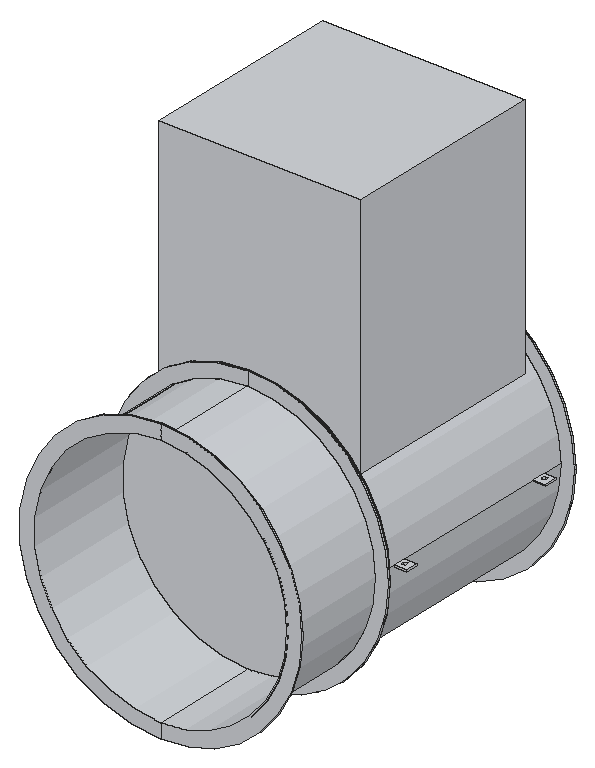
Revit family "AFBV-S_Horizontal_Ceiling_Mount", category Mechanical Equipment, Revit 2019
Family settings
  Round Connector Dimension = Use Radius
  Part Type = Normal
  Work Plane-Based = No
  Always vertical = Yes
  Cut with Voids When Loaded = No
  Shared = No
  Room Calculation Point = No
Parameters (values of type "36_AFBV-S_HOR_CEILING")
  VANE = 1' - 4"
  Unit Weight [instance] = ""
  ModelID [instance] = ""
  M/2 = M / 2  # 0' - 0 11/32"
  M = 0' - 0 11/16"
  L = 0' - 4 1/4"
  K/2 = K / 2  # 1' - 0 3/4"
  K = 2' - 1 1/2"
  J/2 = J / 2  # 1' - 7 9/16"
  J = 3' - 3 1/8"
  CENTER = 0' - 0"  # constant formula
  H-(A/2) = H - (A / 2)  # 2' - 4 3/4"
  H+J = H + CENTER  # 3' - 11 1/4"
  H = 3' - 11 1/4"
  Sones [instance] = ""
  Motor RPM [instance] = ""
  Motor Enclosure [instance] = ""
  LwA [instance] = ""
  G = 6' - 0"
  Fan RPM [instance] = ""
  F/2 = F / 2  # 0' - 0 7/32"
  F = 0' - 0 7/16"
  E/2 = E / 2  # 1' - 5"
  E-2" = E - 0' 2"  # 2' - 8"
  E = 2' - 10"
  C/2+J = C / 2 + CENTER  # 1' - 7 1/2"
  C/2 = C / 2  # 1' - 7 1/2"
  C = 3' - 3"
  B/2 = B / 2  # 1' - 8 11/16"
  B = 3' - 5 3/8"
  Accessories [instance] = ""
  A/3 = A / 2.5  # 1' - 2.8"
  A/2 = A / 2  # 1' - 6 1/2"
  A = 3' - 1"
  60 = 60.00°  # constant formula
  30 = 30.00°  # constant formula
  3" = 0' - 3"  # constant formula
  Brake Hp [instance] = ""
  4" = 0' - 4"  # constant formula
  2' = 2' - 0"
  2" = 0' - 2"  # constant formula
  1" = 0' - 1"  # constant formula
  0 = 0' - 0"  # constant formula
  Voltage [instance] = 0 V
  URL = "www.lorencook.com"
  Type Comments = "Tube Axial Fan Horizontal Ceiling Mount Stainless Steel Construction Belt Drive Arrangement 9"  # constant formula
  Static Pressure [instance] = 0.00 in-wg
  Power [instance] = Voltage * Motor FLA * sqrt(if(Phase = 3, 3, 1))  # 0 VA
  Phase [instance] = 0
  Number of Poles [instance] = 1
  Motor Hp [instance] = "0"
  Motor FLA [instance] = 0 A
  Model = "AFBV-S"  # constant formula
  Manufacturer = "Loren Cook Company"
  CFM [instance] = 0 CFM
  1.5 = 0' - 1 1/2"  # constant formula
  ONE EIGTH = 0' - 0 1/8"  # constant formula
  -E/2 = -E / 2  # -1' - 5"
  -(E-.25")/2 = -(E - 0' 0 1/4") / 2  # -1' - 4 7/8"
  (K/2)-((J-A-.25")/2) = (K / 2) - ((J - A - 0' 0 1/4") / 2)  # 0' - 11 13/16"
  (J-A-.25") = (J - A - 0' 0 1/4")  # 0' - 1 7/8"
  (H-(A/2))/2 = (H - (A / 2)) / 2  # 1' - 2 3/8"
  (E-.25")/2 = (E - 0' 0 1/4") / 2  # 1' - 4 7/8"
  (A+.25")/2 = (A + 0' 0 1/4") / 2  # 1' - 6 5/8"
Types (10): name | VANE | M/2 | M | L | K/2 | K | J/2 | J | H-(A/2) | H+J | H | F/2 | F | E/2 | E-2" | E | C/2+J | C/2 | C | B/2 | B | A/3 | A/2 | A | -E/2 | -(E-.25")/2 | (K/2)-((J-A-.25")/2) | (J-A-.25") | (H-(A/2))/2 | (E-.25")/2 | (A+.25")/2
  (no name) | 1' - 4" | 0' - 0 11/32" | 0' - 0 11/16" | 0' - 4 1/4" | 1' - 0 3/4" | 2' - 1 1/2" | 1' - 7 9/16" | 3' - 3 1/8" | 2' - 4 3/4" | 3' - 11 1/4" | 3' - 11 1/4" | 0' - 0 7/32" | 0' - 0 7/16" | 1' - 5" | 2' - 8" | 2' - 10" | 1' - 7 1/2" | 1' - 7 1/2" | 3' - 3" | 1' - 8 11/16" | 3' - 5 3/8" | 1' - 2.8" | 1' - 6 1/2" | 3' - 1" | -1' - 5" | -1' - 4 7/8" | 0' - 11 13/16" | 0' - 1 7/8" | 1' - 2 3/8" | 1' - 4 7/8" | 1' - 6 5/8"
  12_AFBV-S_HOR_CEILING | 0' - 6" | 0' - 0 7/32" | 0' - 0 7/16" | 0' - 3 1/2" | 0' - 7 1/2" | 1' - 3" | 0' - 7 1/2" | 1' - 3" | 1' - 6 3/16" | 2' - 0 5/8" | 2' - 0 5/8" | 0' - 0 5/32" | 0' - 0 5/16" | 0' - 11" | 1' - 8" | 1' - 10" | 0' - 7 5/16" | 0' - 7 5/16" | 1' - 2 5/8" | 0' - 7 13/16" | 1' - 3 5/8" | 0' - 5.15" | 0' - 6 7/16" | 1' - 0 7/8" | -0' - 11" | -0' - 10 7/8" | 0' - 6 9/16" | 0' - 1 7/8" | 0' - 9 3/32" | 0' - 10 7/8" | 0' - 6 9/16"
  16_AFBV-S_HOR_CEILING | 0' - 10" | 0' - 0 7/32" | 0' - 0 7/16" | 0' - 3 1/2" | 0' - 9" | 1' - 6" | 0' - 9 1/2" | 1' - 7" | 1' - 9 11/16" | 2' - 6 1/8" | 2' - 6 1/8" | 0' - 0 5/32" | 0' - 0 5/16" | 1' - 0 1/2" | 1' - 11" | 2' - 1" | 0' - 9 5/16" | 0' - 9 5/16" | 1' - 6 5/8" | 0' - 9 13/16" | 1' - 7 5/8" | 0' - 6 3/4" | 0' - 8 7/16" | 1' - 4 7/8" | -1' - 0 1/2" | -1' - 0 3/8" | 0' - 8 1/16" | 0' - 1 7/8" | 0' - 10 27/32" | 1' - 0 3/8" | 0' - 8 9/16"
  18_AFBV-S_HOR_CEILING | 0' - 11" | 0' - 0 7/32" | 0' - 0 7/16" | 0' - 3 1/2" | 0' - 9" | 1' - 6" | 0' - 10 1/2" | 1' - 9" | 1' - 9 11/16" | 2' - 7 1/8" | 2' - 7 1/8" | 0' - 0 5/32" | 0' - 0 5/16" | 1' - 0 1/2" | 1' - 11" | 2' - 1" | 0' - 10 5/16" | 0' - 10 5/16" | 1' - 8 5/8" | 0' - 10 13/16" | 1' - 9 5/8" | 0' - 7.55" | 0' - 9 7/16" | 1' - 6 7/8" | -1' - 0 1/2" | -1' - 0 3/8" | 0' - 8 1/16" | 0' - 1 7/8" | 0' - 10 27/32" | 1' - 0 3/8" | 0' - 9 9/16"
  24_AFBV-S_HOR_CEILING | 1' - 1" | 0' - 0 7/32" | 0' - 0 7/16" | 0' - 3 1/2" | 0' - 11 1/2" | 1' - 11" | 1' - 1 1/2" | 2' - 3" | 2' - 3 7/16" | 3' - 3 7/8" | 3' - 3 7/8" | 0' - 0 7/32" | 0' - 0 7/16" | 1' - 3 1/2" | 2' - 5" | 2' - 7" | 1' - 1 7/16" | 1' - 1 7/16" | 2' - 2 7/8" | 1' - 2 9/16" | 2' - 5 1/8" | 0' - 9.95" | 1' - 0 7/16" | 2' - 0 7/8" | -1' - 3 1/2" | -1' - 3 3/8" | 0' - 10 9/16" | 0' - 1 7/8" | 1' - 1 23/32" | 1' - 3 3/8" | 1' - 0 9/16"
  28_AFBV-S_HOR_CEILING | 1' - 1" | 0' - 0 7/32" | 0' - 0 7/16" | 0' - 4" | 0' - 11 1/2" | 1' - 11" | 1' - 3 1/2" | 2' - 7" | 2' - 3 7/16" | 3' - 5 7/8" | 3' - 5 7/8" | 0' - 0 7/32" | 0' - 0 7/16" | 1' - 3 1/2" | 2' - 5" | 2' - 7" | 1' - 3 7/16" | 1' - 3 7/16" | 2' - 6 7/8" | 1' - 4 9/16" | 2' - 9 1/8" | 0' - 11.55" | 1' - 2 7/16" | 2' - 4 7/8" | -1' - 3 1/2" | -1' - 3 3/8" | 0' - 10 9/16" | 0' - 1 7/8" | 1' - 1 23/32" | 1' - 3 3/8" | 1' - 2 9/16"
  32_AFBV-S_HOR_CEILING | 1' - 3" | 0' - 0 11/32" | 0' - 0 11/16" | 0' - 4 1/4" | 1' - 0 3/4" | 2' - 1 1/2" | 1' - 5 3/4" | 2' - 11 1/2" | 2' - 4 3/4" | 3' - 9 1/4" | 3' - 9 1/4" | 0' - 0 7/32" | 0' - 0 7/16" | 1' - 5" | 2' - 8" | 2' - 10" | 1' - 5 1/2" | 1' - 5 1/2" | 2' - 11" | 1' - 6 5/8" | 3' - 1 1/4" | 1' - 1.2" | 1' - 4 1/2" | 2' - 9" | -1' - 5" | -1' - 4 7/8" | 0' - 11 5/8" | 0' - 2 1/4" | 1' - 2 3/8" | 1' - 4 7/8" | 1' - 4 5/8"
  36_AFBV-S_HOR_CEILING | 1' - 4" | 0' - 0 11/32" | 0' - 0 11/16" | 0' - 4 1/4" | 1' - 0 3/4" | 2' - 1 1/2" | 1' - 7 9/16" | 3' - 3 1/8" | 2' - 4 3/4" | 3' - 11 1/4" | 3' - 11 1/4" | 0' - 0 7/32" | 0' - 0 7/16" | 1' - 5" | 2' - 8" | 2' - 10" | 1' - 7 1/2" | 1' - 7 1/2" | 3' - 3" | 1' - 8 11/16" | 3' - 5 3/8" | 1' - 2.8" | 1' - 6 1/2" | 3' - 1" | -1' - 5" | -1' - 4 7/8" | 0' - 11 13/16" | 0' - 1 7/8" | 1' - 2 3/8" | 1' - 4 7/8" | 1' - 6 5/8"
  14_AFBV-S_HOR_CEILING | 0' - 8" | 0' - 0 7/32" | 0' - 0 7/16" | 0' - 3 1/2" | 0' - 7 1/2" | 1' - 3" | 0' - 8 1/2" | 1' - 5" | 1' - 6 3/16" | 2' - 1 5/8" | 2' - 1 5/8" | 0' - 0 5/32" | 0' - 0 5/16" | 0' - 11" | 1' - 8" | 1' - 10" | 0' - 8 5/16" | 0' - 8 5/16" | 1' - 4 5/8" | 0' - 8 13/16" | 1' - 5 5/8" | 0' - 5.95" | 0' - 7 7/16" | 1' - 2 7/8" | -0' - 11" | -0' - 10 7/8" | 0' - 6 9/16" | 0' - 1 7/8" | 0' - 9 3/32" | 0' - 10 7/8" | 0' - 7 9/16"
  20_AFBV-S_HOR_CEILING | 1' - 0" | 0' - 0 7/32" | 0' - 0 7/16" | 0' - 3 1/2" | 1' - 0" | 2' - 0" | 0' - 11 1/2" | 1' - 11" | 1' - 9 11/16" | 2' - 8 1/8" | 2' - 8 1/8" | 0' - 0 7/32" | 0' - 0 7/16" | 1' - 3 1/2" | 2' - 5" | 2' - 7" | 0' - 11 3/16" | 0' - 11 3/16" | 1' - 10 3/8" | 0' - 11 13/16" | 1' - 11 5/8" | 0' - 8.35" | 0' - 10 7/16" | 1' - 8 7/8" | -1' - 3 1/2" | -1' - 3 3/8" | 0' - 11 1/16" | 0' - 1 7/8" | 0' - 10 27/32" | 1' - 3 3/8" | 0' - 10 9/16"
Reference planes (in)
  plane 1 "Center (Front/Back)": y = 0
  plane 2: z = 0
  plane 3 "Center (Left/Right)": x = 0.40541
Forms (in)
  Extrusion 1, solid
    sketch origin (0, 0, 0) x (1, 0, 0) y (0, 0, 1)
      loop
        circle (0.40541, 0) r 20.6875
    from 17 <- "E/2" to -17 <- "-E/2"
  Extrusion 2, void
    sketch origin (0, 0, 0) x (1, 0, 0) y (0, 0, 1)
      loop
        circle (0.40541, 0) r 20.6875
      loop
        circle (0.40541, 0) r 18.625
    from 16.875 <- "(E-.25")/2" to -16.875 <- "-(E-.25")/2"
  Extrusion 3, solid
    sketch origin (0, -16.875, 0) x (-1, 0, 0) y (0, 0, 1)
      loop
        line (14.39459, 11.30711) -> (14.39459, 47.25) -> (-15.20541, 47.25) -> (-15.20541, 11.30711)
        arc (-15.20541, 11.30711) -> (-0.40541, 18.625) -> (14.39459, 11.30711) r 18.625
    from 2 to 32 <- "E-2""
  Extrusion 4, solid
    sketch origin (0, 0, 0) x (1, 0, 0) y (0, 1, 0)
      loop
        line (19.03041, 13.6875) -> (19.03041, 11.8125) -> (20.90541, 11.8125) -> (20.90541, 13.6875) -> (19.03041, 13.6875)
      loop
        line (19.03041, -13.6875) -> (20.90541, -13.6875) -> (20.90541, -11.8125) -> (19.03041, -11.8125) -> (19.03041, -13.6875)
      loop
        line (-18.21959, -13.6875) -> (-18.21959, -11.8125) -> (-20.09459, -11.8125) -> (-20.09459, -13.6875) -> (-18.21959, -13.6875)
      loop
        line (-18.21959, 13.6875) -> (-20.09459, 13.6875) -> (-20.09459, 11.8125) -> (-18.21959, 11.8125) -> (-18.21959, 13.6875)
    from 0 to 0.25
  Extrusion 5, void
    sketch origin (0, 0, 0) x (1, 0, 0) y (0, 1, 0)
      loop
        circle (19.96791, 12.75) r 0.34375
      loop
        circle (-19.15709, 12.75) r 0.34375
      loop
        circle (-19.15709, -12.75) r 0.34375
      loop
        circle (19.96791, -12.75) r 0.34375
    from 0 to 0.25
  Revolve 6, solid
    sketch origin (0.40541, 0, 0) x (0, 1, 0) y (0, 0, 1)
      loop
        line (-17, 20.6875) -> (-17.125, 20.6875) -> (-17.125, 18.625) -> (-32.875, 18.625) -> (-32.875, 20.6875) -> (-33, 20.6875) -> (-33, 18.5) -> (-17, 18.5) -> (-17, 20.6875)
      axis (-33, 0) -> (-17, 0)
    angle from 0 to 360
Cuts and joins
  Extrusion 2, Extrusion 5 cuts Extrusion 1
  Extrusion 5 cuts Extrusion 4
Dimensions and locks (in)
  "0": Extrusion 1 sketch curve to plane 3 "Center (Left/Right)"
  "CENTER": Extrusion 1 sketch curve to level
  "0": Extrusion 2 sketch curve to plane 3 "Center (Left/Right)"  (x2)
  "CENTER": Extrusion 2 sketch curve to level  (x2)
  "0": Extrusion 3 sketch curve to plane 3 "Center (Left/Right)"
  "CENTER": Extrusion 3 sketch curve to level
  "H+J": Extrusion 3 sketch curve to level
  "A/3": plane 3 "Center (Left/Right)" to Extrusion 3 sketch curve  (x2)
  "(J-A-.25")": Extrusion 4 sketch curve to Extrusion 4 sketch curve  (x8)
  "(A+.25")/2": plane 3 "Center (Left/Right)" to Extrusion 4 sketch curve  (x4)
  "(K/2)-((J-A-.25")/2)": plane 1 "Center (Front/Back)" to Extrusion 4 sketch curve  (x4)
  "J/2": plane 3 "Center (Left/Right)" to Extrusion 5 sketch curve  (x4)
  "K/2": plane 1 "Center (Front/Back)" to Extrusion 5 sketch curve  (x4)
  "0": Revolve 6 sketch curve to level
  "(A+.25")/2": Revolve 6 sketch curve to level
  "B/2": Revolve 6 sketch curve to level  (x2)
  "VANE": Revolve 6 sketch curve to Revolve 6 sketch curve
  "0": cut or joined group of Extrusion 1, Extrusion 2, Extrusion 5 to Revolve 6 sketch curve
  "ONE EIGTH": Revolve 6 sketch curve to Revolve 6 sketch curve  (x3)
  "B/2": radius of Extrusion 1 sketch curve
  "(A+.25")/2": radius of Extrusion 2 sketch curve
  "B/2": radius of Extrusion 2 sketch curve
  "(A+.25")/2": radius of Extrusion 3 sketch curve
  "M/2": radius of Extrusion 5 sketch curve  (x4)
Automatic sketch dimensions
  Extrusion 3 sketch curve to Extrusion 3 sketch curve = 0' - 0"
  plane 1 "Center (Front/Back)" to Revolve 6 sketch curve = 0' - 6 29/64"
  Revolve 6 sketch curve to plane 1 "Center (Front/Back)" = 1' - 0 35/64"
Connectors (in)
  electrical at (15.20541, 0.125, 29.27855)
    settings: on Extrusion 3, index 1, voltage 0 V, apparent load 0 VA, apparent load phase1 0 VA, apparent load phase2 0 VA, apparent load phase3 0 VA, power factor 1, load classification "Other", number of poles 1, system type 30, power factor state 1, is connector primary yes, connector utility no, sub classification motor no, connector description ""
  hvac at (0.40541, 17, 0), driven by "A/2"
    settings: on cut or joined group of Extrusion 1, Extrusion 2, Extrusion 5, index 3, duct flow 0 CFM, flow factor 0, pres drop 0.00 in-wg, loss coef 0, conn angle 0.00°, conn width 12", conn height 12", conn diameter 37", duct sys type 29, conn prof type 0, flow config 0, flow direction 1, loss method 0, conn ref index -1, conn util no, is conn primary yes, conn desc ""
  hvac at (0.40541, -33, 0), driven by "A/2"
    settings: on Revolve 6, index 4, duct flow 0 CFM, flow factor 0, pres drop 0.00 in-wg, loss coef 0, conn angle 0.00°, conn width 12", conn height 12", conn diameter 37", duct sys type 29, conn prof type 0, flow config 0, flow direction 2, loss method 0, conn ref index -1, conn util no, is conn primary no, conn desc ""
